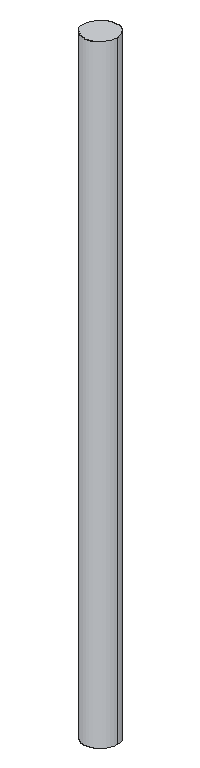
Revit family "BIM_ST_Scaff_TopPost_Shared", category Generic Models, Revit 2022
Family settings
  Can host rebar = No
  Round Connector Dimension = Use Diameter
  Part Type = Normal
  Work Plane-Based = No
  Always vertical = Yes
  Cut with Voids When Loaded = No
  Maintain Annotation Orientation = No
  Shared = Yes
  Room Calculation Point = No
Parameters
  Height [instance] = 0 mm
  Default Elevation = 0 mm
Reference planes
  plane 1 "Center (Front/Back)": y = 0
  plane 2: z = 0
  plane 3 "Center (Left/Right)": x = 0
Forms (mm)
  Extrusion 1, solid
    sketch origin (0, 0, 0) x (1, 0, 0) y (0, 1, 0)
      loop
        circle (0, 0) r 24.3
    from 0 to 900
Dimensions and locks
  aligned and locked: level to plane 2
